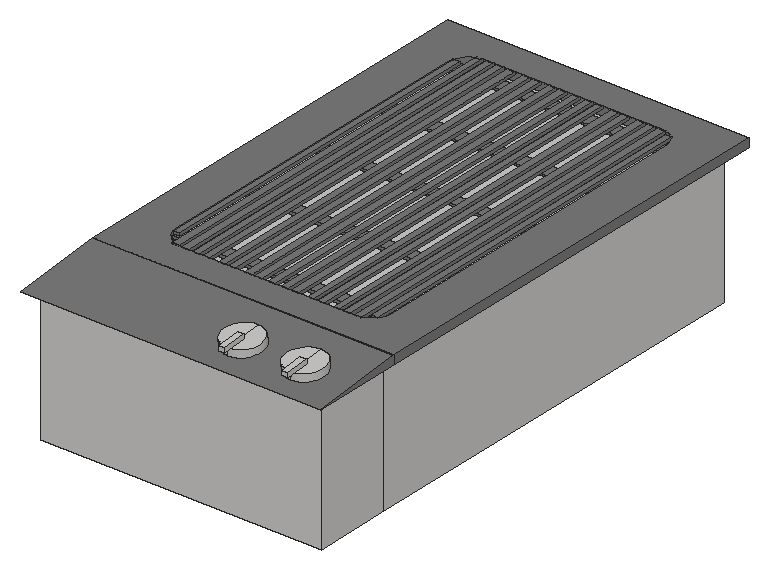
Revit family "VR230620", category Generic Models, Revit 2014
Parameters (values of type "VR230620")
  Width = 288 mm
  URL = "http://www.gaggenau.com."
  Model = "VR230620"
  Manufacturer = "Gaggenau"
  Height = 137 mm
  Unit = Metal Panel
  Description = "Gaggenau Vario 200 Series Electric Grill"
  Depth = 512 mm
  Grill = Black
Reference planes
  plane 1 "Center (Front/Back)": y = 0
  plane 2: z = 0
  plane 3 "Center (Left/Right)": x = 0
  plane 4: x = -144
  plane 5: x = 144
  plane 6: y = 256
  plane 7: y = -256
  plane 8: z = 137
  plane 9: z = 128.5
Forms (mm)
  Extrusion 1, solid, material "Black" <- "Grill"
    sketch origin (0, 0, 0) x (1, 0, 0) y (0, 1, 0)
      loop
        line (-144, 256) -> (-144, -168.935) -> (144, -168.935) -> (144, 256) -> (-144, 256)
      loop
        arc (-104, -118.935) -> (-98.142, -133.077) -> (-84, -138.935) r 20
        line (-84, -138.935) -> (84, -138.935)
        arc (84, -138.935) -> (98.142, -133.077) -> (104, -118.935) r 20
        line (104, -118.935) -> (104, 205.97)
        arc (104, 205.97) -> (98.142, 220.112) -> (84, 225.97) r 20
        line (84, 225.97) -> (-84, 225.97)
        arc (-84, 225.97) -> (-98.142, 220.112) -> (-104, 205.97) r 20
        line (-104, 205.97) -> (-104, -118.935)
    from 128.5 to 137
  Extrusion 2, solid, material "Black" <- "Grill"
    sketch origin (0, 0, 0) x (0, 1, 0) y (0, 0, 1)
      loop
        line (-168.935, 137) -> (-256, 128.5) -> (-168.935, 128.5) -> (-168.935, 137)
    from -144 to 144
  Extrusion 3, solid, material "Metal Panel" <- "Unit"
    sketch origin (0, 0, 0) x (0, 1, 0) y (0, 0, 1)
      loop
        line (-168.935, 0) -> (-168.935, 128.5) -> (-244.036, 128.5) -> (-244.036, 0) -> (-168.935, 0)
    from -133.509 to 134.942
  Revolve 4, solid, material "Metal Panel" <- "Unit"
    sketch origin (100, 8.611, 18.146) x (0, 0.994972, 0.100156) y (0, -0.100156, 0.994972)
      loop
        line (-196.812, 136.245) -> (-196.812, 143.418) -> (-215.138, 143.418) -> (-215.138, 136.245) -> (-196.812, 136.245)
      axis (-215.138, 136.245) -> (-215.138, 143.418)
    angle from 0 to 360
  Extrusion 5, solid, material "Metal Panel" <- "Unit"
    sketch origin (97.5, 8.611, 18.146) x (0, 0.994972, 0.100156) y (0, -0.100156, 0.994972)
      loop
        line (-217.428, 143.418) -> (-217.428, 147.637) -> (-240.007, 147.637) -> (-240.007, 143.418) -> (-217.428, 143.418)
    from 0 to 5.773
  Extrusion 6, solid, material "Metal Panel" <- "Unit"
    sketch origin (0, 0, 0) x (0, 1, 0) y (0, 0, 1)
      loop
        line (-168.935, 128.5) -> (-168.935, 0) -> (238.418, 0) -> (238.418, 128.5) -> (-168.935, 128.5)
    from -133.509 to 134.942
  Extrusion 7, solid, material "Black" <- "Grill"
    sketch origin (0, 0, 27.5) x (1, 0, 0) y (0, 1, 0)
      loop
        line (0, 225.97) -> (0, -138.935) -> (6.386, -138.935) -> (6.386, 225.97) -> (0, 225.97)
      loop
        line (-12.5, 225.97) -> (-12.5, -138.935) -> (-6.114, -138.935) -> (-6.114, 225.97) -> (-12.5, 225.97)
      loop
        line (-22.5, 225.97) -> (-22.5, -138.935) -> (-16.114, -138.935) -> (-16.114, 225.97) -> (-22.5, 225.97)
      loop
        line (-37.5, 225.97) -> (-37.5, -138.935) -> (-31.114, -138.935) -> (-31.114, 225.97) -> (-37.5, 225.97)
      loop
        line (-47.5, 225.97) -> (-47.5, -138.935) -> (-41.114, -138.935) -> (-41.114, 225.97) -> (-47.5, 225.97)
      loop
        line (-62.5, 225.97) -> (-62.5, -138.935) -> (-56.114, -138.935) -> (-56.114, 225.97) -> (-62.5, 225.97)
      loop
        line (-72.5, 225.97) -> (-72.5, -138.935) -> (-66.114, -138.935) -> (-66.114, 225.97) -> (-72.5, 225.97)
      loop
        line (-82.5, 225.97) -> (-82.5, -138.935) -> (-76.114, -138.935) -> (-76.114, 225.97) -> (-82.5, 225.97)
      loop
        line (-92.5, 225.97) -> (-92.5, -138.935) -> (-86.114, -138.935) -> (-86.114, 225.97) -> (-92.5, 225.97)
      loop
        line (-104, 212.438) -> (-104, -123.488) -> (-97.614, -123.488) -> (-97.614, 212.438) -> (-104, 212.438)
      loop
        line (18.886, 225.97) -> (12.5, 225.97) -> (12.5, -138.935) -> (18.886, -138.935) -> (18.886, 225.97)
      loop
        line (28.886, 225.97) -> (22.5, 225.97) -> (22.5, -138.935) -> (28.886, -138.935) -> (28.886, 225.97)
      loop
        line (43.886, 225.97) -> (37.5, 225.97) -> (37.5, -138.935) -> (43.886, -138.935) -> (43.886, 225.97)
      loop
        line (53.886, 225.97) -> (47.5, 225.97) -> (47.5, -138.935) -> (53.886, -138.935) -> (53.886, 225.97)
      loop
        line (68.886, 225.97) -> (62.5, 225.97) -> (62.5, -138.935) -> (68.886, -138.935) -> (68.886, 225.97)
      loop
        line (78.886, 225.97) -> (72.5, 225.97) -> (72.5, -138.935) -> (78.886, -138.935) -> (78.886, 225.97)
      loop
        line (88.886, 225.97) -> (82.5, 225.97) -> (82.5, -138.935) -> (88.886, -138.935) -> (88.886, 225.97)
      loop
        line (98.886, 221.278) -> (92.5, 221.278) -> (92.5, -130.959) -> (98.886, -130.959) -> (98.886, 221.278)
    from 106.848 to 109.5
  Revolve 8, solid, material "Metal Panel" <- "Unit"
    sketch origin (40, 8.611, 18.146) x (0, 0.994972, 0.100156) y (0, -0.100156, 0.994972)
      loop
        line (-196.812, 136.245) -> (-196.812, 143.418) -> (-215.138, 143.418) -> (-215.138, 136.245) -> (-196.812, 136.245)
      axis (-215.138, 136.245) -> (-215.138, 143.418)
    angle from 0 to 360
  Extrusion 9, solid, material "Metal Panel" <- "Unit"
    sketch origin (37.5, 8.611, 18.146) x (0, 0.994972, 0.100156) y (0, -0.100156, 0.994972)
      loop
        line (-217.428, 143.418) -> (-217.428, 147.637) -> (-240.007, 147.637) -> (-240.007, 143.418) -> (-217.428, 143.418)
    from 0 to 5.773
  Extrusion 10, solid, material "Black" <- "Grill"
    sketch origin (0, 0, 0) x (1, 0, 0) y (0, 1, 0)
      loop
        line (-104, 213.643) -> (-104, 201.27) -> (104, 201.27) -> (104, 213.643) -> (-104, 213.643)
      loop
        line (-104, 133.643) -> (-104, 121.27) -> (104, 121.27) -> (104, 133.643) -> (-104, 133.643)
      loop
        line (-104, 55) -> (-104, 42.627) -> (104, 42.627) -> (104, 55) -> (-104, 55)
      loop
        line (-104, -30) -> (-104, -42.373) -> (104, -42.373) -> (104, -30) -> (-104, -30)
      loop
        line (-104, -113.935) -> (-104, -126.308) -> (104, -126.308) -> (104, -113.935) -> (-104, -113.935)
    from 132.192 to 134.348
Dimensions and locks
  equal spacing: plane 4, plane 3 "Center (Left/Right)", plane 5
  equal spacing: plane 6, plane 1 "Center (Front/Back)", plane 7
  "Width": plane 4 to plane 5
  "Depth": plane 6 to plane 7
  "Height": plane 8 to plane 2
  locked: plane 8 to plane 9 at 8.5
  aligned and locked: level to plane 2
Automatic sketch dimensions
  Extrusion 2 sketch curve to plane 7 = 0 mm
  Extrusion 2 sketch curve to plane 9 = 0 mm
  Extrusion 2 sketch curve to plane 8 = 0 mm
  Extrusion 2 sketch curve to plane 7 = 87.065 mm
  Extrusion 3 sketch curve to level = 0 mm
  Extrusion 3 sketch curve to plane 9 = 0 mm
  Extrusion 3 sketch curve to plane 7 = 11.964 mm
  Extrusion 3 sketch curve to Extrusion 3 sketch curve = 75.101 mm
  plane 9 to Revolve 4 sketch curve = 3.659 mm
  Revolve 4 sketch curve to plane 7 = 36.91 mm
  Revolve 4 sketch curve to Revolve 4 sketch curve = 18.325 mm
  Revolve 4 sketch curve to Revolve 4 sketch curve = 7.172 mm
  Revolve 4 sketch curve to Revolve 4 sketch curve = 0 mm  (x2)
  Revolve 4 sketch curve to Revolve 4 sketch curve = 2.893 mm
  Extrusion 5 sketch curve to plane 8 = 0.196 mm
  Extrusion 5 sketch curve to plane 7 = 11.447 mm
  Extrusion 5 sketch curve to Extrusion 5 sketch curve = 22.579 mm
  Extrusion 5 sketch curve to Extrusion 5 sketch curve = 4.22 mm
  Extrusion 6 sketch curve to level = 0 mm
  Extrusion 6 sketch curve to plane 9 = 0 mm
  Extrusion 6 sketch curve to plane 7 = 87.065 mm
  Extrusion 6 sketch curve to plane 6 = 17.582 mm
  Extrusion 7 sketch curve to plane 3 "Center (Left/Right)" = 0 mm
  Extrusion 7 sketch curve to Extrusion 7 sketch curve = 6.114 mm  (x2)
  Extrusion 7 sketch curve to Extrusion 7 sketch curve = 6.386 mm  (x17)
  Extrusion 7 sketch curve to Extrusion 7 sketch curve = 3.614 mm  (x10)
  Extrusion 7 sketch curve to Extrusion 7 sketch curve = 8.614 mm  (x4)
  Extrusion 7 sketch curve to Extrusion 7 sketch curve = 5.114 mm
  plane 3 "Center (Left/Right)" to Extrusion 7 sketch curve = 6.386 mm
  Extrusion 7 sketch curve to plane 7 = 117.065 mm
  Extrusion 7 sketch curve to Extrusion 7 sketch curve = 0 mm  (x29)
  Extrusion 7 sketch curve to Extrusion 7 sketch curve = 7.975 mm
  Extrusion 7 sketch curve to Extrusion 7 sketch curve = 15.446 mm
  Extrusion 7 sketch curve to plane 6 = 43.562 mm
  Extrusion 7 sketch curve to Extrusion 7 sketch curve = 13.532 mm
  Extrusion 7 sketch curve to Extrusion 7 sketch curve = 4.692 mm
  plane 9 to Revolve 8 sketch curve = 3.659 mm
  Revolve 8 sketch curve to plane 7 = 36.91 mm
  Revolve 8 sketch curve to Revolve 8 sketch curve = 18.325 mm
  Revolve 8 sketch curve to Revolve 8 sketch curve = 7.172 mm
  Revolve 8 sketch curve to Revolve 8 sketch curve = 0 mm  (x2)
  Revolve 8 sketch curve to Revolve 8 sketch curve = 2.893 mm
  Extrusion 9 sketch curve to plane 8 = 0.196 mm
  Extrusion 9 sketch curve to plane 7 = 11.447 mm
  Extrusion 9 sketch curve to Extrusion 9 sketch curve = 22.579 mm
  Extrusion 9 sketch curve to Extrusion 9 sketch curve = 4.22 mm
  Extrusion 7 sketch curve to plane 6 = 34.722 mm
  Extrusion 1 sketch curve to plane 4 = 0 mm
  Extrusion 1 sketch curve to plane 5 = 0 mm
  Extrusion 1 sketch curve to plane 6 = 0 mm
  plane 4 to Extrusion 1 sketch curve = 40 mm
  Extrusion 1 sketch curve to Extrusion 1 sketch curve = 20 mm  (x2)
  plane 3 "Center (Left/Right)" to Extrusion 1 sketch curve = 84 mm
  Extrusion 1 sketch curve to plane 6 = 30.03 mm
  plane 5 to Extrusion 1 sketch curve = 60 mm
  plane 5 to Extrusion 1 sketch curve = 40 mm
  plane 1 "Center (Front/Back)" to Extrusion 1 sketch curve = 118.935 mm
  Extrusion 1 sketch curve to plane 7 = 87.065 mm
  plane 4 to Extrusion 10 sketch curve = 40 mm  (x5)
  plane 5 to Extrusion 10 sketch curve = 40 mm  (x5)
  Extrusion 10 sketch curve to plane 7 = 129.692 mm
  Extrusion 10 sketch curve to Extrusion 10 sketch curve = 12.373 mm  (x5)
  plane 1 "Center (Front/Back)" to Extrusion 10 sketch curve = 42.373 mm
  Extrusion 10 sketch curve to plane 1 "Center (Front/Back)" = 42.627 mm
  Extrusion 10 sketch curve to Extrusion 10 sketch curve = 66.27 mm
  Extrusion 10 sketch curve to plane 6 = 54.73 mm
